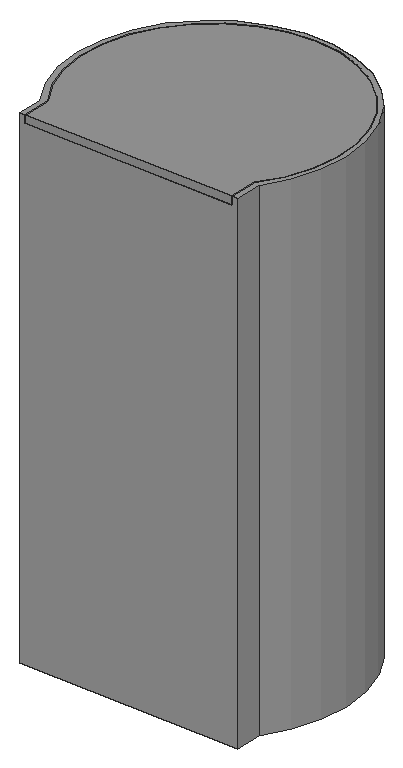
Revit family "3052 Bjørk Soap dispenser", category Furniture Systems, host Wall, Revit 2018
Family settings
  Host = Wall
  Round Connector Dimension = Use Diameter
  Part Type = Normal
  Always vertical = Yes
  Cut with Voids When Loaded = No
  Shared = No
  Room Calculation Point = No
Parameters (values of type "OSLO")
  URL = "http://www.dandryer.dk/da-dk/produkter/produktserie-%E2%80%93-bjork/3052-bjork-dispenser-flydende-saebe-desinfektion--valgfri-ral"
  Type Image = <None>
  Surface Top = OSLO
  Surface Front = RAL FARVE
  Model = "Björk-3052"
  Manufacturer = "Dan Dryer"
  Description = "Touch-free Soap dispencer"
  Cost = 0
Types (6, lengths in mm): name | Surface Top | Model
  BIRK | BIRK | "Björk-3052Björk-3052"
  GEO WHITE | GEO WHITE | "Björk-3052"
  GRIGIO LONDRA | GRIGIO LONDRA | "Björk-3052"
  NEGRO INGO | NEGRO INGO | "Björk-3002"
  OSLO | OSLO | "Björk-3052"
  BIANCO MALE | BIANCO MALE | "Björk-3052"
Reference planes
  plane 1 "Wall": y = 0
  plane 2 "Center (Left/Right)": x = 125
  plane 3 "Back": y = 75
Forms (mm)
  Extrusion 1, solid, material "Blank Hvid", not visible
    sketch origin (0, 0, 0) x (1, 0, 0) y (0, 1, 0)
      loop
        arc (42.212, 95.366) -> (42.426, 94.946) -> (42.5, 94.481) r 1.5
        line (42.5, 94.481) -> (42.5, 75.3) -> (43.7, 75.3) -> (43.7, 94.481)
        arc (43.7, 94.481) -> (43.567, 95.318) -> (43.181, 96.073) r 2.7
        arc (43.181, 96.073) -> (125, 257.1) -> (206.819, 96.073) r 101.3
        arc (206.819, 96.073) -> (206.433, 95.318) -> (206.3, 94.481) r 2.7
        line (206.3, 94.481) -> (206.3, 75.3) -> (207.5, 75.3) -> (207.5, 94.481)
        arc (207.5, 94.481) -> (207.574, 94.946) -> (207.788, 95.366) r 1.5
        arc (207.788, 95.366) -> (125, 258.3) -> (42.212, 95.366) r 102.5
    from 900 to 1230
  Extrusion 2, void, not visible
    sketch origin (207.5, 94.481, 0) x (0, 1, 0) y (0, 0, -1)
      loop
        line (-19.181, -1225) -> (-19.181, -1230) -> (6.154, -1230)
        arc (6.154, -1230) -> (3.068, -1228.36) -> (2.105, -1225) r 4.47
        line (2.105, -1225) -> (-19.181, -1225)
    from -10.952 to 170.161
  Extrusion 3, void, not visible
    sketch origin (207.5, 94.481, 2130) x (0, 1, 0) y (0, 0, -1)
      loop
        line (-19.181, 1225) -> (2.105, 1225)
        arc (2.105, 1225) -> (3.068, 1228.36) -> (6.154, 1230) r 4.47
        line (6.154, 1230) -> (-19.181, 1230) -> (-19.181, 1225)
    from -6 to 179.451
  Extrusion 4, solid, not visible
    sketch origin (207.5, 75.3, 907) x (0, 1, 0) y (-1, 0, 0)
      loop
        line (0, 163.8) -> (0, 1.2) -> (19.181, 1.2)
        arc (19.181, 1.2) -> (20.018, 1.067) -> (20.773, 0.681) r 2.7
        arc (20.773, 0.681) -> (181.8, 82.5) -> (20.773, 164.319) r 101.3
        arc (20.773, 164.319) -> (20.018, 163.933) -> (19.181, 163.8) r 2.7
        line (19.181, 163.8) -> (0, 163.8)
    from 0 to -2
  Extrusion 5, void, not visible
    sketch origin (206.3, 75.3, 0) x (-1, 0, 0) y (0, 0, 1)
      loop
        arc (83.312, 976) -> (81.303, 978.014) -> (79.288, 976) r 2.012
        line (79.288, 976) -> (79.285, 930)
        arc (79.285, 930) -> (81.297, 927.986) -> (83.312, 930) r 2.012
        line (83.312, 930) -> (83.312, 976)
    from 174.915 to 189.234
  Extrusion 6, solid, not visible
    sketch origin (206.3, 75.3, 0) x (1, 0, 0) y (0, 0, 1)
      loop
        line (-83.312, 975.984) -> (-83.312, 930)
        arc (-83.312, 930) -> (-81.291, 928.118) -> (-79.287, 930.016) r 2.015
        line (-79.287, 930.016) -> (-79.288, 976)
        arc (-79.288, 976) -> (-81.309, 977.882) -> (-83.312, 975.984) r 2.015
    from -182.98 to -174.915
  Extrusion 7, solid, material "RAL FARVE", not visible
    sketch origin (0, 0, 0) x (1, 0, 0) y (0, 1, 0)
      loop
        arc (42.212, 95.366) -> (42.426, 94.946) -> (42.5, 94.481) r 1.5
        line (42.5, 94.481) -> (42.5, 75.3) -> (43.7, 75.3) -> (43.7, 94.481)
        arc (43.7, 94.481) -> (43.567, 95.318) -> (43.181, 96.073) r 2.7
        arc (43.181, 96.073) -> (125, 257.1) -> (206.819, 96.073) r 101.3
        arc (206.819, 96.073) -> (206.433, 95.318) -> (206.3, 94.481) r 2.7
        line (206.3, 94.481) -> (206.3, 75.3) -> (207.5, 75.3) -> (207.5, 94.481)
        arc (207.5, 94.481) -> (207.574, 94.946) -> (207.788, 95.366) r 1.5
        arc (207.788, 95.366) -> (125, 258.3) -> (42.212, 95.366) r 102.5
    from 900 to 1230
Text (mm)
  text "Placement Side" at (-1848.837, 1116.779, 0), in view "Ref. Level"
  text "Placement side" at (0, 1409.804, 2854.306), in view "Left"
  text "Placement side" at (0, 499.811, 2980.732), in view "Right"
Dimensions and locks
  locked: plane 3 "Back" to host wall
  aligned and locked: plane 1 "Wall" to host wall
  aligned and locked: plane 3 "Back" to nested 1  (x2)
Nested families
  nested 1: "Master Soap dispenser" at (125, 75, 1100), type "Master Soap dispenser"
Definition of nested family "Master Soap dispenser"
  Parameters (values of type "Master Soap dispenser")
    Surface Top = none
    Surface Front = none
  Reference planes
    plane 1 "Center (Front/Back)": y = 0
    plane 2: z = 0
    plane 3 "Center (Left/Right)": x = 0
  Forms (mm)
    Extrusion 1, solid, material <- "Surface Front"
      sketch origin (0, 0, 0) x (1, 0, 0) y (0, 1, 0)
        loop
          line (-72.636, 16.842) -> (-72.636, 0) -> (73.262, 0) -> (73.262, 17.709)
          arc (73.262, 17.709) -> (-0.534, 159.71) -> (-72.636, 16.842) r 89.899
      from 0 to 330
    Extrusion 2, solid, material <- "Surface Top"
      sketch origin (0, 0, 330) x (1, 0, 0) y (0, 1, 0)
        loop
          arc (69.262, 19.017) -> (0, 156.8) -> (-69.261, 19.017) r 86.3
          line (-69.261, 19.017) -> (-69.261, 0) -> (69.262, 0) -> (69.262, 19.017)
      from 0 to -5
    Extrusion 3, void
      sketch origin (0, 0, 0) x (1, 0, 0) y (0, 1, 0)
        loop
          line (-69.261, 0) -> (69.262, 0) -> (69.262, 19.017)
          arc (69.262, 19.017) -> (0, 156.8) -> (-69.261, 19.017) r 86.3
          line (-69.261, 19.017) -> (-69.261, 0)
      from 325 to 330
  Cuts and joins
    Extrusion 3 cuts Extrusion 1
  Dimensions and locks
    aligned and locked: level to plane 2
